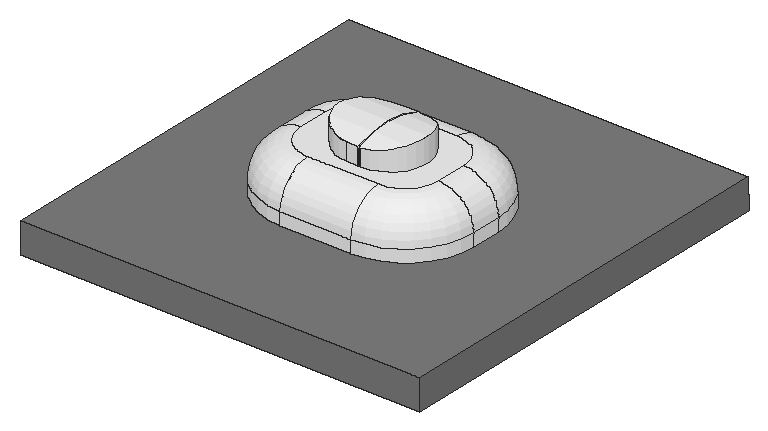
Revit family "01-Acabamento para valvula de descarga antivandalismo - Salvagua - DocolSystem", category Conexões hidráulicas, Revit 2014
Parameters (values of type "1 1/2" e 1 1/4"")
  Docol: Bitola = "1 1/2\" e 1 1/4\""
  Docol: Ambiente = "Banheiro"
  Conexão de resíduos = yes
  Conexão de ventilação = yes
  URL = "www.docol.com.br"
  Modelo = Docol: Código  # "00572706"
  Fabricante = Docol: Fabricante  # "Docol"
  Conexão HW = yes
  Docol: Marcador [instance] = "00"
  Docol: Link do Produto = "http://www.docol.com.br/pt/produto/acabamento-para-valvula-de-descarga-antivandalismo-salvagua"
  Docol: Linha = "Salvágua"
  Docol: Fabricante = "Docol"
  Docol: Descrição = "Acabamento para válvula de descarga antivandalismo, Salvágua - DocolSystem"
  Docol: Código = "00572706"
  Docol: Categoria = "Acabamentos para Válvula de Descarga"
  Docol: Acabamento = "Cromado"
  Descrição = Docol: Descrição  # "Acabamento para válvula de descarga antivandalismo, Salvágua - DocolSystem"
  Elevação-padrão = 900.00 mm
  Conexão CW = yes
  Acabamento [instance] = Cromado - Docol
Reference planes
  plane 1 "Center (Front/Back)": y = -500
  plane 2: z = 0
  plane 3 "Center (Left/Right)": x = 0
  plane 4: z = 33
Forms (mm)
  Extrusion 1, solid
    sketch origin (0, 0, 0) x (1, 0, 0) y (0, 1, 0)
      loop
        line (-140, -355) -> (-140, -644.394) -> (141.958, -644.394) -> (141.958, -355) -> (-140, -355)
    from 0 to -21.472
  Sweep 2, solid, material "Cromado - Docol" <- "Acabamento"
    path origin (0, 0, 0) x (1, 0, 0) y (0, 1, 0)
      loop
        line (48.5, -511.001) -> (48.5, -489.001)
        arc (48.5, -489.001) -> (41.617, -472.384) -> (25, -465.501) r 23.5
        line (25, -465.501) -> (-24.996, -465.501)
        arc (-24.996, -465.501) -> (-41.616, -472.385) -> (-48.5, -489.005) r 23.504
        line (-48.5, -489.005) -> (-48.5, -511.001)
        arc (-48.5, -511.001) -> (-41.617, -527.618) -> (-25, -534.501) r 23.5
        line (-25, -534.501) -> (25, -534.501)
        arc (25, -534.501) -> (41.617, -527.618) -> (48.5, -511.001) r 23.5
    profile origin (48.5, -500.001, 0) x (-1, 0, 0) y (0, 0, 1)
      loop
        line (0.996, 0) -> (0.996, 33) -> (-0.118, 33)
        arc (-0.118, 33) -> (-17.359, 25.859) -> (-24.5, 8.618) r 24.382
        line (-24.5, 8.618) -> (-24.5, 0) -> (0.996, 0)
  Extrusion 3, solid, material "Cromado - Docol" <- "Acabamento"
    sketch origin (0, 0, 0) x (1, 0, 0) y (0, 1, 0)
      loop
        line (-25, -533.506) -> (25, -533.506)
        arc (25, -533.506) -> (40.913, -526.914) -> (47.504, -511.001) r 22.504
        line (47.504, -511.001) -> (47.504, -489.001)
        arc (47.504, -489.001) -> (40.913, -473.088) -> (25, -466.497) r 22.504
        line (25, -466.497) -> (-24.996, -466.497)
        arc (-24.996, -466.497) -> (-40.912, -473.089) -> (-47.504, -489.005) r 22.508
        line (-47.504, -489.005) -> (-47.504, -511.001)
        arc (-47.504, -511.001) -> (-40.913, -526.914) -> (-25, -533.506) r 22.504
    from 0 to 33
  Extrusion 4, solid, material "Cromado - Docol" <- "Acabamento"
    sketch origin (-48.5, -4572, 33) x (-1, 0, 0) y (0, -1, 0)
      loop
        line (-52.02, -4047.07) -> (-52.02, -4097.758)
        arc (-52.02, -4097.758) -> (-51.871, -4098.117) -> (-51.513, -4098.265) r 0.506
        line (-51.513, -4098.265) -> (-43.584, -4098.265)
        arc (-43.584, -4098.265) -> (-17.724, -4072.406) -> (-43.584, -4046.547) r 25.859
        line (-43.584, -4046.547) -> (-51.496, -4046.547)
        arc (-51.496, -4046.547) -> (-51.866, -4046.7) -> (-52.02, -4047.07) r 0.523
      loop
        arc (-52.23, -4047.07) -> (-52.383, -4046.7) -> (-52.753, -4046.547) r 0.523
        line (-52.753, -4046.547) -> (-53.81, -4046.547)
        arc (-53.81, -4046.547) -> (-79.669, -4072.406) -> (-53.81, -4098.265) r 25.859
        line (-53.81, -4098.265) -> (-52.736, -4098.265)
        arc (-52.736, -4098.265) -> (-52.378, -4098.117) -> (-52.23, -4097.758) r 0.506
        line (-52.23, -4097.758) -> (-52.23, -4047.07)
    from 0 to 21.004
  Extrusion 5, void
    sketch origin (-50.162, -4572, 72.3) x (0, 0, -1) y (0, -1, 0)
      loop
        line (15.969, -4043.651) -> (15.969, -4100.349) -> (28.579, -4100.349)
        arc (28.579, -4100.349) -> (22.31, -4072) -> (28.579, -4043.651) r 67.237
        line (28.579, -4043.651) -> (15.969, -4043.651)
    from -91.85 to -2.553
Cuts and joins
  Extrusion 5 cuts Extrusion 4
  joined: Sweep 2, Extrusion 3, Extrusion 4
Dimensions and locks
  aligned and locked: plane 2 to Extrusion 1
  aligned and locked: level to Extrusion 1
